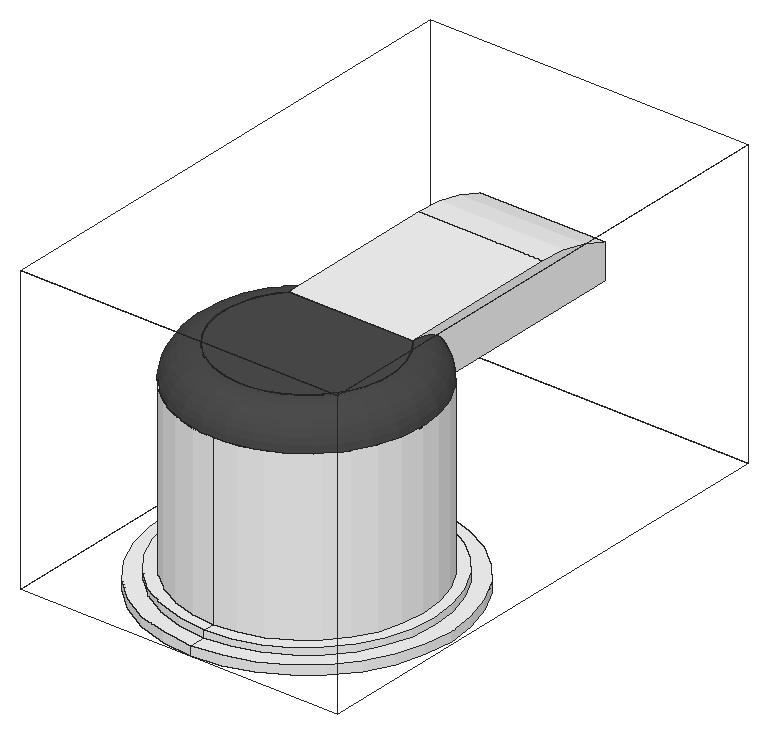
Revit family "Rax 200 U19", category Lighting Fixtures, host Ceiling, Revit 2014
Parameters (values of type "Rax 200 U19")
  Wattage = 29 W
  WarrantyGuarantorParts = "n/a"
  WarrantyDurationParts = "n/a"
  WarrantyDescription = "n/a"
  built-in parameter 1150110 = 1 (stored number, unit not read)
  Version = "v.1.0"
  Uniclass2 = "Pr_70_70_49_43 Light-Emitting Diode (LED) Luminaires"
  Uniclass 1.4 = "JY73"
  URL = "http://riegens.co.uk/rax-200-u19"
  Transformer Length = 230 mm
  Transformer = Riegens_Aluminium_Powder coated white gloss 25
  TotalWattage = "Max. 17W / 23W / 31W"
  built-in parameter 1114217 = 1 (stored number, unit not read)
  Tilt Angle = 90.00°
  built-in parameter 1150109 = 1 (stored number, unit not read)
  built-in parameter 1150134 = 12
  TagNumber = "n/a"
  SustainabilityPerformance = "n/a"
  built-in parameter 1150113 = 1 (stored number, unit not read)
  SupplyCircuitConductorConnections = "n/a"
  Size = "Ø200 mm"
  Shape = "Circle"
  ProductInformation = "http://riegens.co.uk/rax-200-u19"
  PhotometricPerformance = "In accordance with BS EN 13032-1"
  Photometric Web File = "RaX 200 U19 29W LED 4000K R-SM.ies"
  PhaseReference = "IEC recommendations"
  Optics = Riegens_Satin-matt
  Optic = "Satin-matt reflector"
  NominalVoltage = "220-240V"
  ModelReference = "Rax 200 U19"
  Model = "Rax 200 U19"
  Material = "Galvanized steel, aluminium and flame retardant PC"
  ManufacturersSpecificInformation = "n/a"
  ManufacturerURL = "www.riegens.com"
  Manufacturer = "Riegens A/S"
  built-in parameter 1150105 = 221.54 (stored number, unit not read)
  Lumens = 2784 lm
  LuminaireType = "Recessed Direct LED Luminaire"
  LuminairePowerFactor = ">0,9"
  built-in parameter 1150115 = 1 (stored number, unit not read)
  LightSource = "LED 3000K / 4000K"
  LightFixturePlacingType = "Ceiling"
  LightFixtureMountingType = "Recessed"
  built-in parameter 1150137 = (empty or 0)
  built-in parameter 1150139 = (empty or 0)
  LampType = "LED"
  LampRating = "15W / 21W / 29W"
  LampColourRenderingIndex = "Ra>80 / Ra>90"
  built-in parameter 1150112 = 1 (stored number, unit not read)
  built-in parameter 1150114 = 1 (stored number, unit not read)
  InternalFuse = "Only required in emergency versions"
  InsulationStandardClass = "Class 1"
  built-in parameter 1150132 = (empty or 0)
  built-in parameter 1150102 = (empty or 0)
  built-in parameter 1150107 = 4000 (stored number, unit not read)
  built-in parameter 1150138 = (empty or 0)
  built-in parameter 1150106 = 2.2154 (stored number, unit not read)
  IfcExportType = "NOTDEFINED'"
  IfcExportAs = "IfcLightFixtureType'"
  IP_Code = "IP20"
  Housing = Riegens_Aluminium_Powder coated white gloss 25
  Height 1 = 160 mm
  HasProtectiveEarth = "TRUE"
  Grade = "n/a"
  Frame = Riegens_Aluminium_Powder coated white gloss 25
  Finish = "Powder coated"
  Features = "n/a"
  built-in parameter 1150104 = 8.9187 (stored number, unit not read)
  Documentation = "See URL hyperlink"
  DocumentReference = "See URL hyperlink"
  Dimming Lamp Color Temperature Shift = <None>
  Diameter 1 = 223.038 mm
  Description = "70-80-35 General Lighting Systems"
  ControlGearPosition = "Integrated "
  Constituents = "n/a"
  Colour = "White, black, galvanized steel"
  Color Filter = 16777215
  CodePerformance = "n/a"
  Clearance Zones = yes
  CCSTopnode = "L"
  CCSClassName = "Belysningsarmatur"
  CCSClassCode = "UAC"
  BarCode = "n/a"
  BallastsCELMAEnergyEfficiencyIndex = "Class A1/A2"
  built-in parameter 1114218 = 1 (stored number, unit not read)
  BSAB 96 = "SNB.2"
  BIMObjectName = "Rax 200 U19.rfa"
  Author = "3dbyggeri"
  built-in parameter 1150133 = 10 (stored number, unit not read)
  AssetType = "Moveable/Fixed"
  AssetIdentifier = "n/a"
  ArticleNumber = "See URL hyperlink"
  Apparent Load = 240 VA
  AccessibilityPerformance = "n/a"
Reference planes
  plane 1 "Light Source Axis (F/B)": y = 0
  plane 2: z = 0
  plane 3 "Light Source Axis (L/R)": x = 0
  plane 4 "Ceiling": z = 0
  plane 5 "Light Source Elevation": z = -7
  plane 6: z = -7
  plane 7: z = 5.2
  plane 8: z = 160
  plane 9: y = 227
  plane 10: z = -5
  plane 11: z = -3
  plane 12: x = -48
  plane 13: x = 48
  plane 14: z = 120
  plane 15: z = 220
  plane 16: y = -87
  plane 17: y = -99.002
  plane 18: y = -111.519
Forms (mm)
  Revolve 1, solid, material "Riegens_Aluminium_Powder coated white gloss 25" <- "Housing"
    sketch origin (0, 0, -4000) x (0, 1, 0) y (0, 0, 1)
      loop
        line (-90, 4134.038) -> (-90, 4005.2) -> (-88, 4005.2) -> (-7.783, 4051.513) -> (0, 4051.513) -> (0, 4134.038) -> (-90, 4134.038)
      axis (0, 4134.038) -> (0, 4005.2)
    angle from 0 to 360
  Extrusion 2, solid, material "Riegens_Aluminium_Powder coated white gloss 25" <- "Housing"
    sketch origin (0, 0, -4010) x (0, 1, 0) y (0, 0, 1)
      loop
        line (42.332, 4130) -> (227, 4130) -> (227, 4157.29)
        arc (227, 4157.29) -> (198.006, 4166.787) -> (167.666, 4170) r 144.853
        line (167.666, 4170) -> (42.332, 4170) -> (42.332, 4130)
    from -48 to 48
  Sweep 3, solid, material "Riegens_Aluminum_powder coated black"
    path origin (0, 0, -7) x (-1, 0, 0) y (0, -1, 0)
      loop
        arc (-48, -77.057) -> (0, 90.784) -> (48, -77.057) r 90.784
    profile origin (0, -90.784, -7) x (0, -1, 0) y (0, 0, 1)
      loop
        arc (-0.784, 141.038) -> (-8.399, 159.422) -> (-26.784, 167.038) r 26
        line (-26.784, 167.038) -> (-26.784, 141.038) -> (-0.784, 141.038)
  Extrusion 4, void
    sketch origin (0, 0, 0) x (1, 0, 0) y (0, 1, 0)
      loop
        line (-48, 78.509) -> (-48, 39.064) -> (48, 39.064) -> (48, 78.509) -> (-48, 78.509)
    from 134.038 to 170.638
  Extrusion 5, solid, material "Riegens_Aluminum_powder coated black"
    sketch origin (0, 0, 0) x (1, 0, 0) y (0, 1, 0)
      loop
        arc (-48, 42.332) -> (0, -64) -> (48, 42.332) r 64
        line (48, 42.332) -> (-48, 42.332)
    from 134.038 to 160
  Extrusion 6, solid, material "Clearance Zones", visible <- "Clearance Zones"
    sketch origin (0, 0, 0) x (1, 0, 0) y (0, 1, 0)
      loop
        line (-122.877, 272.666) -> (-122.877, -122.334) -> (122.123, -122.334) -> (122.123, 272.666) -> (-122.877, 272.666)
    from 0 to 220
  Revolve 7, solid, material "Riegens_Satin-matt" <- "Optics"
    sketch origin (0, 0, 0) x (0, 1, 0) y (0, 0, 1)
      loop
        line (-88, 5.2) -> (-87, 5.2) -> (-8.445, 50.554) -> (0, 50.554) -> (0, 51.513) -> (-7.783, 51.513) -> (-88, 5.2)
      axis (0, 51.513) -> (0, 5.2)
    angle from 0 to 360
  Revolve 8, solid, material "Riegens_Aluminium_Powder coated white gloss 25" <- "Frame"
    sketch origin (0, 0, 0) x (0, 1, 0) y (0, 0, 1)
      loop
        line (-87, 5.2) -> (-99.002, 5.2) -> (-99.002, 0) -> (-111.519, 0) -> (-111.519, -7) -> (-87, -7) -> (-87, 5.2)
      axis (0, 5.2) -> (0, -7)
    angle from 0 to 360
Cuts and joins
  Extrusion 4 cuts Sweep 3
  joined: Revolve 1, Extrusion 2
Lines and regions (mm)
  Opening 1
    outline origin (0, 0, 0) x (1, 0, 0) y (0, 1, 0)
      loop
        circle (0, 0) r 99.002
  model lines
    curve 1: line (-48, 167.666, 160) -> (48, 167.666, 160)
Dimensions and locks
  equal spacing: host sketch curve, plane 3 "Light Source Axis (L/R)", host sketch curve
  equal spacing: host sketch curve, plane 1 "Light Source Axis (F/B)", host sketch curve
  host sketch curve to host sketch curve = 4000 mm  (x2)
  locked: plane 4 "Ceiling" to host ceiling at 0
  "Height 1": plane 8 to level
  equal spacing: plane 12, plane 3 "Light Source Axis (L/R)", plane 13
  locked: plane 12 to plane 13 at 96
  locked: plane 8 to plane 14 at 40
  aligned and locked: Extrusion 2 to curve 1  (x2)
  aligned and locked: plane 15 to Extrusion 6
Automatic sketch dimensions
  Extrusion 2 sketch curve to plane 8 = 0 mm
  Extrusion 2 sketch curve to plane 9 = 0 mm
  plane 7 to Extrusion 2 sketch curve = 9.947 mm
  curve 1 to plane 9 = 59.334 mm
  Extrusion 2 sketch curve to plane 1 "Light Source Axis (F/B)" = 42.332 mm
  Extrusion 2 sketch curve to plane 9 = 59.334 mm
  Extrusion 2 sketch curve to Extrusion 2 sketch curve = 27.29 mm
  Opening 1 sketch curve to plane 3 "Light Source Axis (L/R)" = 0 mm
  plane 1 "Light Source Axis (F/B)" to Opening 1 sketch curve = 0 mm
  Sweep 3 sketch curve to plane 13 = 0 mm
  plane 1 "Light Source Axis (F/B)" to Sweep 3 sketch curve = 0 mm
  Sweep 3 sketch curve to plane 3 "Light Source Axis (L/R)" = 0 mm
  Sweep 3 sketch curve to plane 12 = 0 mm
  Extrusion 4 sketch curve to plane 12 = 0 mm
  Extrusion 4 sketch curve to plane 13 = 0 mm
  Extrusion 4 sketch curve to plane 1 "Light Source Axis (F/B)" = 39.064 mm
  profile plane to Sweep 3 sketch curve = 0.784 mm
  profile plane to Sweep 3 sketch curve = 26.784 mm
  Sweep 3 sketch curve to plane 5 "Light Source Elevation" = 141.038 mm
  Extrusion 5 sketch curve to plane 12 = 0 mm
  plane 1 "Light Source Axis (F/B)" to Extrusion 5 sketch curve = 0 mm
  Extrusion 5 sketch curve to plane 3 "Light Source Axis (L/R)" = 0 mm
  Extrusion 5 sketch curve to plane 1 "Light Source Axis (F/B)" = 42.332 mm
  plane 1 "Light Source Axis (F/B)" to Opening 1 sketch curve = 99.002 mm
  Sweep 3 sketch curve to plane 1 "Light Source Axis (F/B)" = 77.057 mm
  Extrusion 4 sketch curve to Extrusion 4 sketch curve = 39.444 mm
  plane 12 to Extrusion 6 sketch curve = 74.877 mm
  plane 13 to Extrusion 6 sketch curve = 74.123 mm
  plane 1 "Light Source Axis (F/B)" to Extrusion 6 sketch curve = 122.334 mm
  plane 9 to Extrusion 6 sketch curve = 45.666 mm
  Revolve 1 sketch curve to plane 7 = 0 mm
  Revolve 1 sketch curve to plane 1 "Light Source Axis (F/B)" = 0 mm  (x2)
  Revolve 1 sketch curve to plane 5 "Light Source Elevation" = 58.513 mm
  Revolve 1 sketch curve to plane 16 = 1 mm
  Revolve 1 sketch curve to plane 16 = 3 mm
  plane 14 to Revolve 1 sketch curve = 14.038 mm
  plane 1 "Light Source Axis (F/B)" to Revolve 1 sketch curve = 7.783 mm
  plane 7 to Revolve 1 sketch curve = 46.313 mm
  Revolve 1 sketch curve to Revolve 1 sketch curve = 0 mm
  Revolve 7 sketch curve to plane 7 = 0 mm
  Revolve 7 sketch curve to plane 1 "Light Source Axis (F/B)" = 0 mm  (x2)
  plane 1 "Light Source Axis (F/B)" to Revolve 7 sketch curve = 7.783 mm
  Revolve 7 sketch curve to Revolve 7 sketch curve = 0.662 mm
  Revolve 7 sketch curve to plane 16 = 0 mm
  Revolve 7 sketch curve to Revolve 7 sketch curve = 1 mm
  plane 7 to Revolve 7 sketch curve = 45.354 mm
  Revolve 7 sketch curve to Revolve 7 sketch curve = 0.96 mm
  plane 7 to Revolve 7 sketch curve = 20.56 mm
  Revolve 7 sketch curve to Revolve 7 sketch curve = 31.623 mm
  plane 5 "Light Source Elevation" to Revolve 8 sketch curve = 0 mm
  Revolve 8 sketch curve to plane 18 = 0 mm
  Revolve 8 sketch curve to plane 7 = 0 mm
  Revolve 8 sketch curve to plane 17 = 0 mm
  Revolve 8 sketch curve to plane 16 = 0 mm
  Revolve 8 sketch curve to plane 1 "Light Source Axis (F/B)" = 0 mm
  Revolve 8 sketch curve to level = 0 mm
  plane 5 "Light Source Elevation" to Revolve 8 sketch curve = 15.273 mm
  plane 7 to Revolve 8 sketch curve = 12.527 mm
Connectors
  electrical at (0, 227, 133.645)
    settings: on Extrusion 2, index 1, voltage 0 V, apparent load 0 VA, apparent load phase1 0 VA, apparent load phase2 0 VA, apparent load phase3 0 VA, power factor 1, load classification "Other", number of poles 1, system type 31, power factor state 1, is connector primary yes, connector utility no, sub classification motor no, connector description ""
